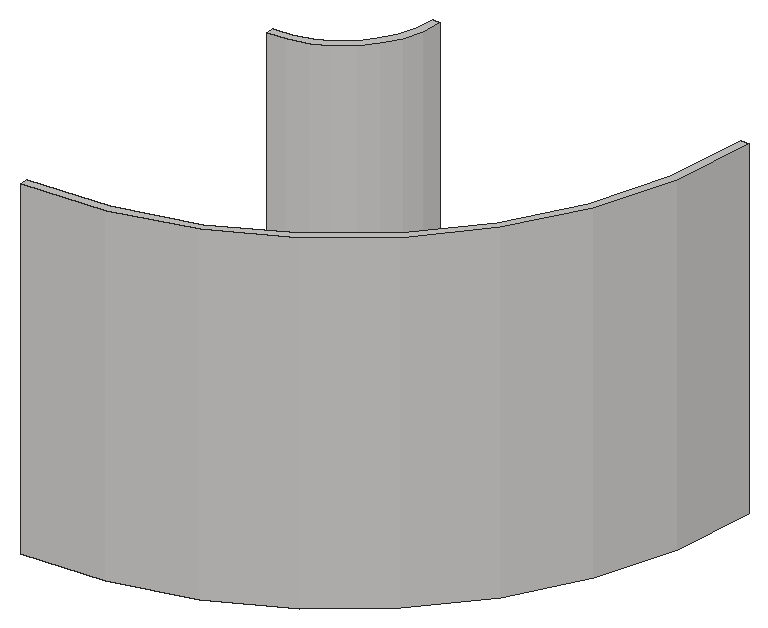
Revit family "S4R_OBO BETTERMANN_MeshTray_Bend_Horizontal_GRB G", category Cable Tray Fittings, Revit 2012
Parameters
  Wholesaler art.no. = ""
  Wholesaler = ""
  Watermarked By = "www.stabiplan.com"
  WIDTH2 [instance] = WIDTH1  # 100 mm
  WIDTH1 [instance] = 100 mm
  VERSION = "91900"  # constant formula
  URL = "www.stabiplan.com"
  built-in parameter 1140111 [instance] = 2.5 mm
  TYPE [instance] = "GRB G"  # constant formula
  StabiCAD_PM = ""
  Safe_Half_Width2 [instance] = if(not([built-in parameter 1140115] > Half_Width2), [built-in parameter 1140115] - 0.2 mm, Half_Width2)  # 50 mm
  Safe_Half_Width1 [instance] = if(not([built-in parameter 1140115] > Half_Width1), [built-in parameter 1140115] - 0.2 mm, Half_Width1)  # 50 mm
  Manufacturer = "OBO BETTERMANN"  # constant formula
  Lmin [instance] = [built-in parameter 1140115] * tan(ANGLE2 / 2)  # 78 mm
  PRODUCTLINE [instance] = "OBO BETTERMANN MeshTray"  # constant formula
  LENGTH2 [instance] = if(and(WIDTH1 = 100 mm, HEIGHT1 = 55 mm, ANGLE2 = 90.00°), 50 mm, if(and(WIDTH1 = 150 mm, HEIGHT1 = 55 mm, ANGLE2 = 90.00°), 75 mm, if(and(WIDTH1 = 200 mm, HEIGHT1 = 55 mm, ANGLE2 = 90.00°), 100 mm, if(and(WIDTH1 = 300 mm, HEIGHT1 = 55 mm, ANGLE2 = 90.00°), 150 mm, if(and(WIDTH1 = 400 mm, HEIGHT1 = 55 mm, ANGLE2 = 90.00°), 200 mm, if(and(WIDTH1 = 450 mm, HEIGHT1 = 55 mm, ANGLE2 = 90.00°), 225 mm, if(and(WIDTH1 = 500 mm, HEIGHT1 = 55 mm, ANGLE2 = 90.00°), 250 mm, if(and(WIDTH1 = 600 mm, HEIGHT1 = 55 mm, ANGLE2 = 90.00°), 300 mm, if(and(WIDTH1 = 100 mm, HEIGHT1 = 105 mm, ANGLE2 = 90.00°), 78 mm, if(and(WIDTH1 = 150 mm, HEIGHT1 = 105 mm, ANGLE2 = 90.00°), 103 mm, if(and(WIDTH1 = 200 mm, HEIGHT1 = 105 mm, ANGLE2 = 90.00°), 128 mm, if(and(WIDTH1 = 300 mm, HEIGHT1 = 105 mm, ANGLE2 = 90.00°), 178 mm, if(and(WIDTH1 = 400 mm, HEIGHT1 = 105 mm, ANGLE2 = 90.00°), 228 mm, if(and(WIDTH1 = 450 mm, HEIGHT1 = 105 mm, ANGLE2 = 90.00°), 253 mm, if(and(WIDTH1 = 500 mm, HEIGHT1 = 105 mm, ANGLE2 = 90.00°), 278 mm, if(and(WIDTH1 = 600 mm, HEIGHT1 = 105 mm, ANGLE2 = 90.00°), 328 mm, WIDTH1))))))))))))))))  # 78 mm
  LENGTH1 [instance] = if(and(WIDTH1 = 100 mm, HEIGHT1 = 55 mm, ANGLE2 = 90.00°), 50 mm, if(and(WIDTH1 = 150 mm, HEIGHT1 = 55 mm, ANGLE2 = 90.00°), 75 mm, if(and(WIDTH1 = 200 mm, HEIGHT1 = 55 mm, ANGLE2 = 90.00°), 100 mm, if(and(WIDTH1 = 300 mm, HEIGHT1 = 55 mm, ANGLE2 = 90.00°), 150 mm, if(and(WIDTH1 = 400 mm, HEIGHT1 = 55 mm, ANGLE2 = 90.00°), 200 mm, if(and(WIDTH1 = 450 mm, HEIGHT1 = 55 mm, ANGLE2 = 90.00°), 225 mm, if(and(WIDTH1 = 500 mm, HEIGHT1 = 55 mm, ANGLE2 = 90.00°), 250 mm, if(and(WIDTH1 = 600 mm, HEIGHT1 = 55 mm, ANGLE2 = 90.00°), 300 mm, if(and(WIDTH1 = 100 mm, HEIGHT1 = 105 mm, ANGLE2 = 90.00°), 78 mm, if(and(WIDTH1 = 150 mm, HEIGHT1 = 105 mm, ANGLE2 = 90.00°), 103 mm, if(and(WIDTH1 = 200 mm, HEIGHT1 = 105 mm, ANGLE2 = 90.00°), 128 mm, if(and(WIDTH1 = 300 mm, HEIGHT1 = 105 mm, ANGLE2 = 90.00°), 178 mm, if(and(WIDTH1 = 400 mm, HEIGHT1 = 105 mm, ANGLE2 = 90.00°), 228 mm, if(and(WIDTH1 = 450 mm, HEIGHT1 = 105 mm, ANGLE2 = 90.00°), 253 mm, if(and(WIDTH1 = 500 mm, HEIGHT1 = 105 mm, ANGLE2 = 90.00°), 278 mm, if(and(WIDTH1 = 600 mm, HEIGHT1 = 105 mm, ANGLE2 = 90.00°), 328 mm, WIDTH1))))))))))))))))  # 78 mm
  Internal art.no. = ""
  ISCUSTOM [instance] = if(and(WIDTH1 = 100 mm, HEIGHT1 = 55 mm, ANGLE2 = 90.00°), 1 = 0, if(and(WIDTH1 = 150 mm, HEIGHT1 = 55 mm, ANGLE2 = 90.00°), 1 = 0, if(and(WIDTH1 = 200 mm, HEIGHT1 = 55 mm, ANGLE2 = 90.00°), 1 = 0, if(and(WIDTH1 = 300 mm, HEIGHT1 = 55 mm, ANGLE2 = 90.00°), 1 = 0, if(and(WIDTH1 = 400 mm, HEIGHT1 = 55 mm, ANGLE2 = 90.00°), 1 = 0, if(and(WIDTH1 = 450 mm, HEIGHT1 = 55 mm, ANGLE2 = 90.00°), 1 = 0, if(and(WIDTH1 = 500 mm, HEIGHT1 = 55 mm, ANGLE2 = 90.00°), 1 = 0, if(and(WIDTH1 = 600 mm, HEIGHT1 = 55 mm, ANGLE2 = 90.00°), 1 = 0, if(and(WIDTH1 = 100 mm, HEIGHT1 = 105 mm, ANGLE2 = 90.00°), 1 = 0, if(and(WIDTH1 = 150 mm, HEIGHT1 = 105 mm, ANGLE2 = 90.00°), 1 = 0, if(and(WIDTH1 = 200 mm, HEIGHT1 = 105 mm, ANGLE2 = 90.00°), 1 = 0, if(and(WIDTH1 = 300 mm, HEIGHT1 = 105 mm, ANGLE2 = 90.00°), 1 = 0, if(and(WIDTH1 = 400 mm, HEIGHT1 = 105 mm, ANGLE2 = 90.00°), 1 = 0, if(and(WIDTH1 = 450 mm, HEIGHT1 = 105 mm, ANGLE2 = 90.00°), 1 = 0, if(and(WIDTH1 = 500 mm, HEIGHT1 = 105 mm, ANGLE2 = 90.00°), 1 = 0, if(and(WIDTH1 = 600 mm, HEIGHT1 = 105 mm, ANGLE2 = 90.00°), 1 = 0, 1 = 1))))))))))))))))  # no
  IFCExportType = ""
  IFCExportAs = ""
  Half_Width2 [instance] = WIDTH2 / 2  # 50 mm
  Half_Width1 [instance] = WIDTH1 / 2  # 50 mm
  HEIGHT2 [instance] = HEIGHT1  # 105 mm
  HEIGHT1 [instance] = 105 mm
  GTINNUMBER [instance] = if(and(WIDTH1 = 100 mm, HEIGHT1 = 105 mm, ANGLE2 = 90.00°), "4012195456230", if(and(WIDTH1 = 150 mm, HEIGHT1 = 105 mm, ANGLE2 = 90.00°), "4012195456247", if(and(WIDTH1 = 200 mm, HEIGHT1 = 105 mm, ANGLE2 = 90.00°), "4012195456254", if(and(WIDTH1 = 300 mm, HEIGHT1 = 105 mm, ANGLE2 = 90.00°), "4012195456261", if(and(WIDTH1 = 400 mm, HEIGHT1 = 105 mm, ANGLE2 = 90.00°), "4012195456278", if(and(WIDTH1 = 500 mm, HEIGHT1 = 105 mm, ANGLE2 = 90.00°), "4012195456292", if(and(WIDTH1 = 600 mm, HEIGHT1 = 105 mm, ANGLE2 = 90.00°), "4012195456308", if(and(WIDTH1 = 100 mm, HEIGHT1 = 55 mm, ANGLE2 = 90.00°), "4012196352630", if(and(WIDTH1 = 150 mm, HEIGHT1 = 55 mm, ANGLE2 = 90.00°), "4012196624799", if(and(WIDTH1 = 200 mm, HEIGHT1 = 55 mm, ANGLE2 = 90.00°), "4012196352692", if(and(WIDTH1 = 300 mm, HEIGHT1 = 55 mm, ANGLE2 = 90.00°), "4012196352753", if(and(WIDTH1 = 400 mm, HEIGHT1 = 55 mm, ANGLE2 = 90.00°), "4012196352814", if(and(WIDTH1 = 450 mm, HEIGHT1 = 55 mm, ANGLE2 = 90.00°), "", if(and(WIDTH1 = 500 mm, HEIGHT1 = 55 mm, ANGLE2 = 90.00°), "4012196352876", if(and(WIDTH1 = 600 mm, HEIGHT1 = 55 mm, ANGLE2 = 90.00°), "4012196352937", if(and(WIDTH1 = 450 mm, HEIGHT1 = 105 mm, ANGLE2 = 90.00°), "4012195456285", "Unknown"))))))))))))))))  # "4012195456230"
  ETIM article class = ""
  Description = "Horizontal MeshTray Bend"
  DEEPLINK = "http://catalog1.obo-bettermann.com/catalogue/catalogue.do?forward=showProductGroup&act=showIO&favOid=kts_234984&action=showManyProducts&lang=de&OID=kts_234984&catId="
  Copyright = "© Stabiplan BV / Stabiplan International BV"  # constant formula
  CT2 [instance] = 1
  CT1 [instance] = 1
  BodyColor = Steel
  built-in parameter 1140115 [instance] = LENGTH1  # 78 mm
  ARTICLENUMBER [instance] = if(and(WIDTH1 = 100 mm, HEIGHT1 = 105 mm, ANGLE2 = 90.00°), "6002370", if(and(WIDTH1 = 150 mm, HEIGHT1 = 105 mm, ANGLE2 = 90.00°), "6002372", if(and(WIDTH1 = 200 mm, HEIGHT1 = 105 mm, ANGLE2 = 90.00°), "6002374", if(and(WIDTH1 = 300 mm, HEIGHT1 = 105 mm, ANGLE2 = 90.00°), "6002376", if(and(WIDTH1 = 400 mm, HEIGHT1 = 105 mm, ANGLE2 = 90.00°), "6002378", if(and(WIDTH1 = 500 mm, HEIGHT1 = 105 mm, ANGLE2 = 90.00°), "6002382", if(and(WIDTH1 = 600 mm, HEIGHT1 = 105 mm, ANGLE2 = 90.00°), "6002384", if(and(WIDTH1 = 100 mm, HEIGHT1 = 55 mm, ANGLE2 = 90.00°), "6001920", if(and(WIDTH1 = 150 mm, HEIGHT1 = 55 mm, ANGLE2 = 90.00°), "6001998", if(and(WIDTH1 = 200 mm, HEIGHT1 = 55 mm, ANGLE2 = 90.00°), "6001939", if(and(WIDTH1 = 300 mm, HEIGHT1 = 55 mm, ANGLE2 = 90.00°), "6001947", if(and(WIDTH1 = 400 mm, HEIGHT1 = 55 mm, ANGLE2 = 90.00°), "6001955", if(and(WIDTH1 = 450 mm, HEIGHT1 = 55 mm, ANGLE2 = 90.00°), "6001957", if(and(WIDTH1 = 500 mm, HEIGHT1 = 55 mm, ANGLE2 = 90.00°), "6001963", if(and(WIDTH1 = 600 mm, HEIGHT1 = 55 mm, ANGLE2 = 90.00°), "6001971", if(and(WIDTH1 = 450 mm, HEIGHT1 = 105 mm, ANGLE2 = 90.00°), "6002380", "Unknown"))))))))))))))))  # "6002370"
  ARTICLEDESCRIPTION [instance] = "Horizontal MeshTray Bend"
  ANGLE2 [instance] = 90.00°
Reference planes
  plane 1 "Center (Front/Back)": y = 0
  plane 2: z = 0
  plane 3 "Center (Left/Right)": x = 0
  plane 4: y = 78
  plane 5: x = -78
Forms (mm)
  SweptBlend 1, solid, material "Steel" <- "BodyColor", detail levels medium
    path in 3D
      loop
        arc (-78, 0, 0) -> (-22.846, 22.846, 0) -> (0, 78, 0) r 78
    profile origin (-78, 0, 0) x (0, 1, 0) y (0, 0, 1)
      loop
        line (50, 52.5) -> (-50, 52.5) -> (-50, -52.5) -> (50, -52.5) -> (50, 52.5)
    end profile origin (0, 78, 0) x (-1, 0, 0) y (0, 0, 1)
      loop
        line (50, 52.5) -> (-50, 52.5) -> (-50, -52.5) -> (50, -52.5) -> (50, 52.5)
  SweptBlend 2, solid, material "Steel" <- "BodyColor", detail levels fine
    path in 3D
      loop
        arc (-78, 0, 0) -> (-22.846, 22.846, 0) -> (0, 78, 0) r 78
    profile origin (-78, 0, 0) x (0, 1, 0) y (0, 0, 1)
      loop
        line (50, 52.5) -> (47.5, 52.5) -> (47.5, -50) -> (-47.5, -50) -> (-47.5, 52.5) -> (-50, 52.5) -> (-50, -52.5) -> (50, -52.5) -> (50, 52.5)
    end profile origin (0, 78, 0) x (-1, 0, 0) y (0, 0, 1)
      loop
        line (50, 52.5) -> (47.5, 52.5) -> (47.5, -50) -> (-47.5, -50) -> (-47.5, 52.5) -> (-50, 52.5) -> (-50, -52.5) -> (50, -52.5) -> (50, 52.5)
  Sweep 3, solid, not visible
    path in 3D
      loop
        arc (-78, 0, 0) -> (-22.846, 22.846, 0) -> (0, 78, 0) r 78
    profile origin (-22.846, 22.846, 0) x (-0.707107, 0.707107, 0) y (0, 0, 1)
      loop
        circle (0, 0) r 5
Lines and regions (mm)
  reference lines
    curve 1: line (-78, 78, 0) -> (-78, 0, 0)
    curve 2: line (-78, 0, 0) -> (0, 0, 0)
    curve 3: line (0, 0, 0) -> (0, 78, 0)
    curve 4: line (0, 78, 0) -> (-78, 78, 0)
    curve 5: arc (-78, 0, 0) -> (-22.846, 22.846, 0) -> (0, 78, 0) r 78
  sketch lines
    curve 6: arc (-78, 0, 0) -> (-22.846, 22.846, 0) -> (0, 78, 0) r 78
    curve 7: arc (-78, 0, 0) -> (-22.846, 22.846, 0) -> (0, 78, 0) r 78
    curve 9: arc (-78, 0, 0) -> (-22.846, 22.846, 0) -> (0, 78, 0) r 78
  model lines, detail levels coarse
    curve 8: arc (-78, 0, 0) -> (-22.846, 22.846, 0) -> (0, 78, 0) r 78
Dimensions and locks
  "Lmin": plane 5 to plane 3 "Center (Left/Right)"
  "built-in parameter 1140115": plane 4 to plane 1 "Center (Front/Back)"
  "built-in parameter 1140115": curve 4 to curve 4
  "built-in parameter 1140115": plane 1 "Center (Front/Back)" to curve 1
  equal spacing: SweptBlend 1 sketch curve, profile plane, SweptBlend 1 sketch curve  (x2)
  "HEIGHT1": SweptBlend 1 sketch curve to SweptBlend 1 sketch curve
  "HEIGHT2": SweptBlend 1 sketch curve to SweptBlend 1 sketch curve
  "built-in parameter 1140111": SweptBlend 2 sketch curve to SweptBlend 2 sketch curve  (x6)
  equal spacing: SweptBlend 2 sketch curve, profile plane, SweptBlend 2 sketch curve  (x4)
  "HEIGHT1": SweptBlend 2 sketch curve to SweptBlend 2 sketch curve
  "HEIGHT2": SweptBlend 2 sketch curve to SweptBlend 2 sketch curve
  "Safe_Half_Width1": profile plane to SweptBlend 2 sketch curve
  "Half_Width1": SweptBlend 2 sketch curve to profile plane
  "Safe_Half_Width2": SweptBlend 2 sketch curve to profile plane
  "Half_Width2": profile plane to SweptBlend 2 sketch curve
  "Safe_Half_Width1": profile plane to SweptBlend 1 sketch curve
  "Half_Width1": SweptBlend 1 sketch curve to profile plane
  "Safe_Half_Width2": SweptBlend 1 sketch curve to profile plane
  "Half_Width2": profile plane to SweptBlend 1 sketch curve
  "built-in parameter 1140115": radius of curve 5
  "ANGLE2": angle plane 5 to curve 4
  "ANGLE2": angle curve 8 to curve 8
  aligned and locked: level to plane 2
  aligned and locked: plane 1 "Center (Front/Back)" to curve 2  (x2)
  aligned and locked: plane 3 "Center (Left/Right)" to curve 2
  aligned and locked: curve 1 to plane 5
  aligned and locked: curve 8 to curve 5
Automatic sketch dimensions
  Sweep 3 sketch curve to profile plane = 0 mm
  profile plane to Sweep 3 sketch curve = 0 mm
  radius of Sweep 3 sketch curve = 5 mm
Connectors
  cabletrayconduit at (0, 78, 0), driven by "HEIGHT1", driven by "WIDTH1"
    settings: on Sweep 3, index 1, connector width 100 mm, connector height 105 mm, connector radius 300 mm, connector angle 0.00°, system type 32, placement type 0, profile type 1, connector reference index 2, is primary connector no, connector utility param no, connector description ""
  cabletrayconduit at (-78, 0, 0), driven by "HEIGHT1", driven by "WIDTH1"
    settings: on Sweep 3, index 2, connector width 100 mm, connector height 105 mm, connector radius 300 mm, connector angle 0.00°, system type 32, placement type 0, profile type 1, connector reference index 1, is primary connector yes, connector utility param no, connector description ""
